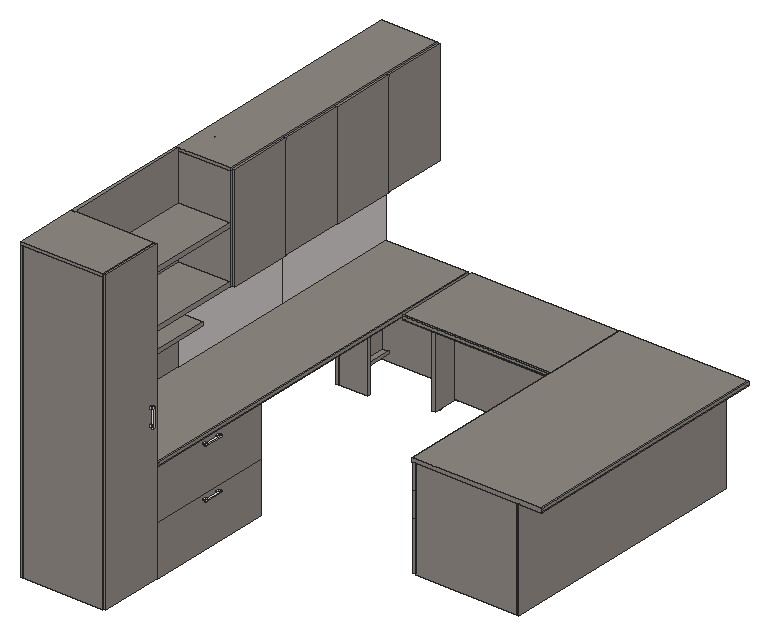
Revit family "JSI-Vision-Typical_Veneer-VSV125", category Furniture, Revit 2020 (continued)
Definition of nested family "JSI-Vision-Modular_Lateral_File_Pedestal"
  Definition of nested family "Bar Pull"
    Dimensions and locks (in)
      plane 4 to plane 5 to plane 3 "Center Left/Right" to plane 7 to plane 6 = 0.8" locked, 1.88731" locked, 1.88731" locked, 0.8" locked
      plane 8 to plane 9 to plane 1 "Center Front/Back" = 0.14798" locked, 0.85202" locked
      aligned and locked: level to plane 2
      aligned and locked: plane 4 to Extrusion 3
      aligned and locked: Extrusion 3 to plane 5
      aligned and locked: plane 4 to Extrusion 2
      aligned and locked: Extrusion 1 to plane 7
      aligned and locked: plane 6 to Extrusion 1
      aligned and locked: plane 6 to Extrusion 2
      aligned and locked: plane 8 to Extrusion 2 sketch curve
      aligned and locked: Extrusion 3 to plane 1 "Center Front/Back"
      aligned and locked: Extrusion 1 to plane 1 "Center Front/Back"
      aligned and locked: plane 5 to Extrusion 3
      aligned and locked: Extrusion 3 to plane 4
      aligned and locked: Extrusion 2 to plane 4
      aligned and locked: plane 7 to Extrusion 1
      aligned and locked: Extrusion 1 to plane 6
      aligned and locked: Extrusion 2 to plane 6
  Definition of nested family "Label 1-16"
    Parameters
      Width = 1"
      Model Name = "2 Drw - 2 Drs"
    Reference planes (in)
      plane 1: y = 0
      plane 2: x = 0
    Text (in)
      label "XX" at (0.00051, -0.12324, 0), shows "Model Name"
Definition of nested family "JSI-Vision-Adjustable_Casegood-L_Shape-Modesty_Desk-Bridge"
  Parameters (values of type "VST3672-U42AHFR - Adjustable Casegood L Shape 78"D x 72"W x 29 1/2"-49 1/8"H")
    Width = 72"
    URL = "www.jsifurniture.com"
    Type Comments = ""
    Top Finish = none
    Support Finish = none
    Side Finish = none
    Series = "Vision Casegoods"  # constant formula
    Pull Finish = none
    Post Finish = none
    Modesty Finish = none
    Model = "VST3672-U42AHFR"
    Material = ""
    Manufacturer = "JSI"  # constant formula
    Keynote = "12500"  # constant formula
    JSI Enviromental Website = "http://www.jsifurniture.com/jsi_sustainability_intro.php"
    Height = 29 5/16"
    Glide Finish = none
    Edge Finish = none
    Drawer Finish = none
    Divider Finish = none
    Description = "Adjustable Casegood L Shape Flush Modesty Desk and Bridge Laminate - 78\"D x 72\"W x 29 1/2\"-49 1/8\"H"
    Depth = 78"
    Default Elevation = 0"
    Case Finish = none
    Back Finish = none
    Assembly Code = "E2020200"
    Adj Post Finish = none
  Types (2): name | Model | Height | Description
    VST3672-U42AHFR - Adjustable Casegood L Shape 78"D x 72"W x 29 1/2"-49 1/8"H | "VST3672-U42AHFR" | 29 5/16" | "Adjustable Casegood L Shape Flush Modesty Desk and Bridge Laminate - 78\"D x 72\"W x 29 1/2\"-49 1/8\"H"
    VSV3672-U42AHFR - Adjustable Casegood L Shape 78"D x 72"W x 29 1/2"-49 1/8"H | "VSV3672-U42AHFR" | 29.313" | "Adjustable Casegood L Shape Flush Modesty Desk and Bridge Veneer - 78\"D x 72\"W x 29 1/2\"-49 1/8\"H"
  Reference planes (in)
    plane 1 "Center Front/Back": y = 0
    plane 2: z = 0
    plane 3 "Center Left/Right": x = 0
    plane 4: z = 0.3125
    plane 5: z = 28.125
    plane 6: z = 29.3125
    plane 7: y = -36
    plane 8: y = -76.9375
    plane 9: x = 72
    plane 10: y = -8.49999
    plane 11: y = -41.48437
    plane 12: y = -74.46874
    plane 13: y = -78
  Forms (in)
    Extrusion 1, solid, material <- "Top Finish"
      sketch origin (0, 0, 0) x (0, 1, 0) y (0, 0, 1)
        loop
          arc (-35.875, 29.3125) -> (-35.96339, 29.27589) -> (-36, 29.1875) r 0.125
          line (-36, 29.1875) -> (-36, 28.25)
          arc (-36, 28.25) -> (-35.96339, 28.16161) -> (-35.875, 28.125) r 0.125
          line (-35.875, 28.125) -> (-0.11811, 28.125)
          arc (-0.11811, 28.125) -> (-0.03459, 28.15959) -> (0, 28.24311) r 0.11811
          line (0, 28.24311) -> (0, 29.19439)
          arc (0, 29.19439) -> (-0.03459, 29.27791) -> (-0.11811, 29.3125) r 0.11811
          line (-0.11811, 29.3125) -> (-35.875, 29.3125)
      from 0 to 72
    Extrusion 2, solid, material <- "Top Finish"
      sketch origin (0, 0, 0) x (1, 0, 0) y (0, 0, 1)
        loop
          line (24, 28.24311) -> (24, 29.19439)
          arc (24, 29.19439) -> (23.96541, 29.27791) -> (23.88189, 29.3125) r 0.11811
          line (23.88189, 29.3125) -> (0, 29.3125) -> (0, 28.125) -> (23.88189, 28.125)
          arc (23.88189, 28.125) -> (23.96541, 28.15959) -> (24, 28.24311) r 0.11811
      from 36 to 76.9375
    Extrusion 3, solid, material <- "Back Finish"
      sketch origin (0, 0, 0) x (1, 0, 0) y (0, 1, 0)
        loop
          line (71.94911, -6.25) -> (0.0741, -6.25) -> (0.0741, -7) -> (71.94911, -7) -> (71.94911, -6.25)
      from 0.3125 to 28.125
    Extrusion 4, solid, material <- "Drawer Finish"
      sketch origin (0, 0, 0) x (0, 1, 0) y (0, 0, 1)
        loop
          line (-35.875, 21.285) -> (-35.125, 21.285) -> (-35.125, 28.125) -> (-35.875, 28.125) -> (-35.875, 21.285)
        loop
          line (-35.875, 21.16) -> (-35.875, 14.32) -> (-35.125, 14.32) -> (-35.125, 21.16) -> (-35.875, 21.16)
        loop
          line (-35.875, 14.195) -> (-35.875, 0.4525) -> (-35.125, 0.4525) -> (-35.125, 14.195) -> (-35.875, 14.195)
      from 56.35536 to 71.85536
    Extrusion 5, solid, material <- "Side Finish"
      sketch origin (0, 0, 0) x (1, 0, 0) y (0, 1, 0)
        loop
          line (0.85535, -77.90625) -> (12.85535, -77.90625) -> (12.85535, -76.71875) -> (0.85535, -76.71875) -> (0.85535, -77.90625)
      from 0.3125 to 28.125
    Extrusion 6, solid, material <- "Case Finish"
      sketch origin (0, 0, 0) x (1, 0, 0) y (0, 1, 0)
        loop
          line (5.98035, -75.96875) -> (0.85535, -75.96875) -> (0.85535, -76.71875) -> (5.98035, -76.71875) -> (5.98035, -75.96875)
      from 0.3125 to 24.9375
    Extrusion 7, solid, material <- "Case Finish"
      sketch origin (0, 0, 0) x (1, 0, 0) y (0, 1, 0)
        loop
          line (6.73035, -76.59375) -> (6.73035, -11.625) -> (5.98035, -11.625) -> (5.98035, -76.59375) -> (6.73035, -76.59375)
      from 0.95805 to 25.6768
    Extrusion 8, solid, material <- "Modesty Finish"
      sketch origin (0, 0, 0) x (1, 0, 0) y (0, 1, 0)
        loop
          line (1.08574, -8) -> (70.96075, -8) -> (70.96075, -7.25) -> (1.08574, -7.25) -> (1.08574, -8)
      from 5.56275 to 28.125
    Extrusion 9, solid, material <- "Side Finish"
      sketch origin (0, 0, 0) x (1, 0, 0) y (0, 1, 0)
        loop
          line (71.16786, -7) -> (71.16786, -35.125) -> (71.91786, -35.125) -> (71.91786, -7) -> (71.16786, -7)
      from 0.3125 to 28.125
    Extrusion 10, solid, material <- "Side Finish"
      sketch origin (0, 0, 0) x (0, 1, 0) y (0, 0, 1)
        loop
          line (-8.375, 25.7185) -> (-21.84375, 25.7185)
          arc (-21.84375, 25.7185) -> (-22.72321, 26.00336) -> (-23.26863, 26.74975) r 1.5
          arc (-23.26863, 26.74975) -> (-23.99586, 27.74494) -> (-25.16846, 28.12475) r 2
          line (-25.16846, 28.12475) -> (-35.125, 28.12475) -> (-35.125, 0.3125) -> (-7, 0.3125) -> (-7, 5.0625) -> (-8.125, 5.0625)
          arc (-8.125, 5.0625) -> (-8.30178, 5.13572) -> (-8.375, 5.3125) r 0.25
          line (-8.375, 5.3125) -> (-8.375, 25.7185)
      from 56.29286 to 57.04286
    Extrusion 11, solid, material <- "Back Finish"
      sketch origin (0, 0, 0) x (1, 0, 0) y (0, 1, 0)
        loop
          line (0.85535, -78) -> (0.85535, -7) -> (0.10535, -7) -> (0.10535, -78) -> (0.85535, -78)
      from 0.3125 to 28.125
    Extrusion 12, solid, material <- "Case Finish"
      sketch origin (0, 0, 0) x (1, 0, 0) y (0, 1, 0)
        loop
          line (5.98035, -7) -> (0.85535, -7) -> (0.85535, -75.96875) -> (5.98035, -75.96875) -> (5.98035, -7)
      from 0.96875 to 2.15625
    Revolve 13, solid, material <- "Glide Finish"
      sketch origin (3.41912, 0, 0) x (0, 1, 0) y (0, 0, 1)
        loop
          line (-8.49999, 2.3868) -> (-8.49999, 0) -> (-7.44326, 0)
          arc (-7.44326, 0) -> (-7.35488, 0.03661) -> (-7.31826, 0.125) r 0.125
          line (-7.31826, 0.125) -> (-7.31826, 0.26314)
          arc (-7.31826, 0.26314) -> (-7.35448, 0.35058) -> (-7.44193, 0.3868) r 0.12366
          line (-7.44193, 0.3868) -> (-8.34247, 0.3868) -> (-8.34247, 2.3868) -> (-8.49999, 2.3868)
        axis (-8.49999, 2.3868) -> (-8.49999, 0)
      angle from 0 to 360
    Revolve 14, solid, material <- "Glide Finish"
      sketch origin (3.41912, 0, 0) x (0, 1, 0) y (0, 0, 1)
        loop
          line (-41.48437, 2.3868) -> (-41.48437, 0) -> (-40.42764, 0)
          arc (-40.42764, 0) -> (-40.33925, 0.03661) -> (-40.30264, 0.125) r 0.125
          line (-40.30264, 0.125) -> (-40.30264, 0.26314)
          arc (-40.30264, 0.26314) -> (-40.33886, 0.35058) -> (-40.4263, 0.3868) r 0.12366
          line (-40.4263, 0.3868) -> (-41.32685, 0.3868) -> (-41.32685, 2.3868) -> (-41.48437, 2.3868)
        axis (-41.48437, 2.3868) -> (-41.48437, 0)
      angle from 0 to 360
    Revolve 15, solid, material <- "Glide Finish"
      sketch origin (3.41912, 0, 0) x (0, 1, 0) y (0, 0, 1)
        loop
          line (-74.46874, 2.3868) -> (-74.46874, 0) -> (-73.41201, 0)
          arc (-73.41201, 0) -> (-73.32363, 0.03661) -> (-73.28701, 0.125) r 0.125
          line (-73.28701, 0.125) -> (-73.28701, 0.26314)
          arc (-73.28701, 0.26314) -> (-73.32323, 0.35058) -> (-73.41068, 0.3868) r 0.12366
          line (-73.41068, 0.3868) -> (-74.31122, 0.3868) -> (-74.31122, 2.3868) -> (-74.46874, 2.3868)
        axis (-74.46874, 2.3868) -> (-74.46874, 0)
      angle from 0 to 360
    Extrusion 16, solid, material <- "Glide Finish"
      sketch origin (0, 0, 0) x (1, 0, 0) y (0, 1, 0)
        loop
          circle (10.85535, -77.3125) r 0.43307
        loop
          circle (70.16786, -7.40625) r 0.43307
        loop
          circle (58.04286, -7.40625) r 0.43307
        loop
          circle (58.04286, -33.99016) r 0.43307
        loop
          circle (70.16765, -33.99028) r 0.43307
      from 0 to 0.3125
    Extrusion 17, solid, material <- "Case Finish"
      sketch origin (0, 0, 0) x (1, 0, 0) y (0, 0, 1)
        loop
          line (5.98035, 25.6768) -> (0.85535, 25.6768) -> (0.85535, 24.9375) -> (5.98035, 24.9375) -> (5.98035, 25.6768)
      from 11.5 to 76.71875
    Extrusion 18, solid, material <- "Side Finish"
      sketch origin (0, 0, 0) x (1, 0, 0) y (0, 1, 0)
        loop
          line (0.85535, -12.25) -> (5.98035, -12.25) -> (5.98035, -11.5) -> (0.85535, -11.5) -> (0.85535, -12.25)
      from 2.15625 to 24.9375
  Lines and regions (in)
    symbolic lines
      curve 1: line (0, -36, 0) -> (72, -36, 0)
      curve 2: line (0, 0, 0) -> (0, -36, 0)
      curve 3: line (72, 0, 0) -> (0, 0, 0)
      curve 4: line (72, -36, 0) -> (72, 0, 0)
      curve 5: line (24, -76.9375, 0) -> (24, -36, 0)
      curve 6: line (24, -76.9375, 0) -> (0, -76.9375, 0)
      curve 7: line (0, -76.9375, 0) -> (0, -36, 0)
      curve 8: line (0.85535, -77.90625, 0) -> (12.85535, -77.90625, 0)
      curve 9: line (12.85535, -77.90625, 0) -> (12.85535, -76.71875, 0)
      curve 10: line (0.10535, -78, 0) -> (0.85535, -78, 0)
      curve 11: line (0.10535, -78, 0) -> (0.10535, -76.9375, 0)
      curve 12: line (0.85535, -78, 0) -> (0.85535, -76.9375, 0)
      curve 13: line (12.85535, -76.71875, 0) -> (0.85535, -76.71875, 0)
      curve 14: line (0.85535, -76.9375, 0) -> (0.85535, -7, 0)
      curve 15: line (0.10535, -7, 0) -> (0.10535, -78, 0)
      curve 16: line (0.0741, -6.25, 0) -> (71.94911, -6.25, 0)
      curve 17: line (0.0741, -7, 0) -> (0.0741, -6.25, 0)
      curve 18: line (71.94911, -7, 0) -> (0.0741, -7, 0)
      curve 19: line (71.94911, -6.25, 0) -> (71.94911, -7, 0)
      curve 20: line (56.29286, -7, 0) -> (56.29286, -35.125, 0)
      curve 21: line (57.04286, -35.125, 0) -> (57.04286, -7, 0)
      curve 22: line (71.16786, -7, 0) -> (71.16786, -35.125, 0)
      curve 23: line (71.85536, -35.125, 0) -> (56.35536, -35.125, 0)
      curve 24: line (56.35536, -35.125, 0) -> (56.35536, -35.875, 0)
      curve 25: line (56.35536, -35.875, 0) -> (71.85536, -35.875, 0)
      curve 26: line (71.85536, -35.875, 0) -> (71.85536, -35.125, 0)
      curve 27: line (71.91786, -35.125, 0) -> (71.91786, -7, 0)
      curve 28: line (6.73035, -76.59375, 0) -> (6.73035, -11.625, 0)
      curve 29: line (6.73035, -11.625, 0) -> (5.98035, -11.625, 0)
      curve 30: line (5.98035, -76.71875, 0) -> (5.98035, -7, 0)
      curve 31: line (5.98035, -11.5, 0) -> (0.85535, -11.5, 0)
      curve 32: line (0.85535, -12.25, 0) -> (5.98035, -12.25, 0)
      curve 33: line (5.98035, -76.59375, 0) -> (6.73035, -76.59375, 0)
      curve 34: line (5.98035, -75.96875, 0) -> (0.85535, -75.96875, 0)
  Dimensions and locks (in)
    locked: plane 2 to plane 4 at 0.3125
    "Height": plane 6 to plane 2
    locked: plane 6 to plane 5 at 1.1875
    locked: plane 1 "Center Front/Back" to plane 7 at 36
    "Width": plane 3 "Center Left/Right" to plane 9
    locked: Extrusion 2 sketch curve to plane 3 "Center Left/Right" at 24
    locked: Extrusion 3 sketch curve to plane 9 at 0.05089
    locked: plane 3 "Center Left/Right" to Extrusion 3 sketch curve at 0.0741
    Extrusion 3 sketch curve to Extrusion 3 sketch curve to plane 1 "Center Front/Back" = 3/4" locked, 6 1/4" locked
    Extrusion 4 to Extrusion 4 to plane 9 = 15 1/2" locked, 0.14464" locked
    equal spacing: Extrusion 4, nested 3, Extrusion 4
    equal spacing: Extrusion 4, nested 2, Extrusion 4
    equal spacing: Extrusion 4, nested 1, Extrusion 4
    plane 3 "Center Left/Right" to Extrusion 5 sketch curve to Extrusion 5 sketch curve = 0.85535" locked, 12" locked
    Extrusion 5 sketch curve to plane 8 to Extrusion 5 sketch curve = 7/32" locked, 31/32" locked
    locked: Extrusion 7 sketch curve to plane 1 "Center Front/Back" at 11.625
    locked: Extrusion 7 sketch curve to plane 8 at 0.34375
    plane 3 "Center Left/Right" to Extrusion 7 sketch curve to Extrusion 7 sketch curve = 5.98035" locked, 3/4" locked
    Extrusion 9 sketch curve to Extrusion 9 sketch curve to plane 1 "Center Front/Back" = 28 1/8" locked, 7" locked
    Extrusion 9 sketch curve to Extrusion 9 sketch curve to plane 9 = 3/4" locked, 0.08214" locked
    Extrusion 10 to Extrusion 10 to plane 9 = 3/4" locked, 14.95714" locked
    locked: Extrusion 11 sketch curve to plane 1 "Center Front/Back" at 7
    locked: Extrusion 8 to plane 4 at 5.25025
    Extrusion 9 to plane 9 = 0.08214"
    Extrusion 12 to Extrusion 12 to plane 4 = 1 3/16" locked, 21/32" locked
    locked: nested 4 to plane 8 at 12.9375
    locked: plane 12 to plane 8 at 2.46876
    locked: plane 7 to plane 11 at 5.48437
    locked: plane 1 "Center Front/Back" to plane 10 at 8.49999
    Revolve 13 sketch curve to Revolve 13 sketch curve to Revolve 13 sketch curve to plane 10 = 1/8" locked, 0.89921" locked, 0.15752" locked
    Revolve 13 sketch curve to Revolve 13 sketch curve to Revolve 13 sketch curve to Revolve 13 sketch curve to plane 2 = 2" locked, 0.12366" locked, 0.13814" locked, 1/8" locked
    Revolve 14 sketch curve to Revolve 14 sketch curve to Revolve 14 sketch curve to plane 11 = 1/8" locked, 0.89921" locked, 0.15752" locked
    Revolve 14 sketch curve to Revolve 14 sketch curve to Revolve 14 sketch curve to Revolve 14 sketch curve to plane 2 = 2" locked, 0.12366" locked, 0.13814" locked, 1/8" locked
    Revolve 15 sketch curve to Revolve 15 sketch curve to Revolve 15 sketch curve to Revolve 15 sketch curve = 1/8" locked, 0.89921" locked, 0.15752" locked
    Revolve 15 sketch curve to Revolve 15 sketch curve to Revolve 15 sketch curve to Revolve 15 sketch curve to plane 2 = 2" locked, 0.12366" locked, 0.13814" locked, 1/8" locked
    locked: Revolve 15 to plane 3 "Center Left/Right" at 3.41912
    Extrusion 16 sketch curve to Extrusion 16 sketch curve to plane 9 = 12 1/8" locked, 1.83214" locked
    Extrusion 16 sketch curve to Extrusion 16 sketch curve to plane 9 = 12.12479" locked, 1.83235" locked
    locked: Extrusion 16 sketch curve to plane 7 at 2.00972
    locked: Extrusion 16 sketch curve to plane 1 "Center Front/Back" at 7.40625  (x2)
    locked: Extrusion 16 sketch curve to plane 7 at 2.00984
    Extrusion 17 sketch curve to Extrusion 6 = 0.7393"
    plane 10 to Extrusion 18 sketch curve to Extrusion 18 sketch curve = 3" locked, 3/4" locked
    "Depth": plane 1 "Center Front/Back" to plane 13
    locked: Extrusion 11 to Extrusion 4 sketch curve at 0.14
    Extrusion 4 sketch curve to Extrusion 4 sketch curve to Extrusion 4 sketch curve to Extrusion 4 sketch curve to Extrusion 1 = 1/8" locked, 6.84" locked, 1/8" locked, 6.84" locked
    locked: Extrusion 1 to nested 3 at 0.75
    locked: Extrusion 4 to nested 2 at 0.75
    locked: Extrusion 4 to nested 1 at 0.75
    aligned and locked: level to plane 2
    aligned and locked: Extrusion 1 sketch curve to plane 5
    aligned and locked: Extrusion 1 sketch curve to plane 6
    aligned and locked: Extrusion 1 sketch curve to plane 1 "Center Front/Back"
    aligned and locked: Extrusion 1 sketch curve to plane 7
    aligned and locked: Extrusion 1 to plane 9
    aligned and locked: Extrusion 1 to plane 3 "Center Left/Right"
    aligned and locked: plane 6 to Extrusion 2 sketch curve
    aligned and locked: Extrusion 2 sketch curve to plane 5
    aligned and locked: Extrusion 2 sketch curve to plane 3 "Center Left/Right"
    aligned and locked: plane 7 to Extrusion 2
    aligned and locked: Extrusion 2 to plane 8
    aligned and locked: plane 4 to Extrusion 3
    aligned and locked: plane 5 to Extrusion 3
    aligned and locked: Extrusion 4 sketch curve to Extrusion 4 sketch curve  (x4)
    aligned and locked: Extrusion 4 to nested 3
    aligned and locked: Extrusion 4 to nested 2
    aligned and locked: Extrusion 4 to nested 1
    aligned and locked: plane 4 to Extrusion 11
    aligned and locked: plane 5 to Extrusion 11
    aligned and locked: plane 4 to Extrusion 5
    aligned and locked: plane 5 to Extrusion 5
    aligned and locked: plane 5 to Extrusion 8
    aligned and locked: plane 4 to Extrusion 9
    aligned and locked: plane 5 to Extrusion 9
    aligned and locked: Extrusion 12 to Extrusion 3
    aligned and locked: Extrusion 12 to Extrusion 11
    aligned and locked: Extrusion 12 to Extrusion 7
    aligned and locked: Extrusion 12 to Extrusion 6
    aligned and locked: nested 4 to Extrusion 11
    aligned and locked: plane 2 to Revolve 13 sketch curve
    aligned and locked: plane 10 to Revolve 13 sketch curve
    aligned and locked: Revolve 13 sketch curve to plane 10
    aligned and locked: plane 11 to Revolve 14 sketch curve
    aligned and locked: plane 12 to Revolve 15 sketch curve
    aligned and locked: Extrusion 16 to plane 4
    aligned and locked: Extrusion 16 to plane 2
    aligned and locked: plane 4 to Extrusion 6
    aligned and locked: Extrusion 18 sketch curve to Extrusion 7
    aligned and locked: Extrusion 18 to Extrusion 12
    aligned and locked: Extrusion 6 to Extrusion 18
    aligned and locked: Extrusion 17 to Extrusion 18
    aligned and locked: Extrusion 6 to Extrusion 17
    aligned and locked: nested 5 to Extrusion 11
    aligned and locked: nested 5 to plane 9
    aligned and locked: Extrusion 11 sketch curve to plane 13
    aligned and locked: nested 5 to plane 6
    aligned and locked: plane 6 to nested 4
    aligned and locked: curve 1 to Extrusion 1
    aligned and locked: curve 2 to Extrusion 2
    aligned and locked: curve 3 to Extrusion 1
    aligned and locked: curve 4 to Extrusion 1
    aligned and locked: curve 5 to Extrusion 2
    aligned and locked: curve 8 to Extrusion 5
    aligned and locked: curve 9 to Extrusion 5
    aligned and locked: curve 10 to Extrusion 11
    aligned and locked: curve 11 to Extrusion 11
    aligned and locked: curve 12 to Extrusion 11
    aligned and locked: curve 15 to Extrusion 11
    aligned and locked: curve 16 to Extrusion 3
    aligned and locked: curve 17 to Extrusion 3
    aligned and locked: curve 18 to Extrusion 3
    aligned and locked: curve 19 to Extrusion 3
    aligned and locked: curve 20 to Extrusion 10
    aligned and locked: curve 21 to Extrusion 10
    aligned and locked: curve 22 to Extrusion 9
    aligned and locked: curve 23 to Extrusion 4
    aligned and locked: curve 24 to Extrusion 4
    aligned and locked: curve 25 to Extrusion 4
    aligned and locked: curve 26 to Extrusion 4
    aligned and locked: curve 27 to Extrusion 9
    aligned and locked: curve 28 to Extrusion 7
    aligned and locked: curve 29 to Extrusion 7
    aligned and locked: curve 30 to Extrusion 12
    aligned and locked: curve 31 to Extrusion 17
    aligned and locked: curve 32 to Extrusion 18
    aligned and locked: curve 33 to Extrusion 7
    aligned and locked: curve 34 to Extrusion 6
    aligned and locked: Extrusion 4 sketch curve to Extrusion 1
  Automatic sketch dimensions
    plane 5 to Extrusion 1 sketch curve = 1/8"
    Extrusion 1 sketch curve to plane 6 = 1/8"
    plane 1 "Center Front/Back" to Extrusion 1 sketch curve = 0.11811"  (x2)
    plane 5 to Extrusion 2 sketch curve = 0.11811"
    Extrusion 2 sketch curve to Extrusion 2 sketch curve = 0"
    plane 7 to Extrusion 4 sketch curve = 1/8"
    Extrusion 4 sketch curve to Extrusion 4 sketch curve = 3/4"
    plane 3 "Center Left/Right" to Extrusion 6 sketch curve = 0.85535"
    plane 8 to Extrusion 6 sketch curve = 7/32"
    Extrusion 6 sketch curve to Extrusion 6 sketch curve = 5 1/8"
    Extrusion 6 sketch curve to Extrusion 6 sketch curve = 3/4"
    plane 3 "Center Left/Right" to Extrusion 8 sketch curve = 1.08574"
    plane 9 to Extrusion 8 sketch curve = 1.03925"
    plane 1 "Center Front/Back" to Extrusion 8 sketch curve = 8"
    Extrusion 8 sketch curve to Extrusion 8 sketch curve = 3/4"
    Extrusion 10 sketch curve to plane 4 = 0"
    Extrusion 10 sketch curve to plane 5 = 0.00025"
    plane 7 to Extrusion 10 sketch curve = 7/8"
    Extrusion 10 sketch curve to plane 5 = 2.00025"
    Extrusion 10 sketch curve to Extrusion 10 sketch curve = 9.95654"
    Extrusion 10 sketch curve to Extrusion 10 sketch curve = 3.32471"
    Extrusion 10 sketch curve to plane 4 = 5"
    plane 1 "Center Front/Back" to Extrusion 10 sketch curve = 8 3/8"
    Extrusion 10 sketch curve to Extrusion 10 sketch curve = 1/4"
    Extrusion 10 sketch curve to Extrusion 10 sketch curve = 1 1/8"
    Extrusion 10 sketch curve to plane 5 = 2.4065"
    Extrusion 10 sketch curve to plane 5 = 0.9065"
    plane 3 "Center Left/Right" to Extrusion 11 sketch curve = 0.10535"
    Extrusion 11 sketch curve to Extrusion 11 sketch curve = 3/4"
    plane 3 "Center Left/Right" to Extrusion 12 sketch curve = 0.85535"
    plane 8 to Extrusion 12 sketch curve = 31/32"
    plane 1 "Center Front/Back" to Extrusion 12 sketch curve = 7"
    Extrusion 12 sketch curve to Extrusion 12 sketch curve = 5 1/8"
    Revolve 13 sketch curve to level = 1.18742"
    Revolve 13 sketch curve to Revolve 13 sketch curve = 45/256"
    Revolve 14 sketch curve to plane 11 = 0"
    Revolve 14 sketch curve to level = 1.18742"
    Revolve 14 sketch curve to Revolve 14 sketch curve = 45/256"
    Revolve 15 sketch curve to Revolve 15 sketch curve = 0"
    Revolve 15 sketch curve to Revolve 15 sketch curve = 1.18742"
    Revolve 15 sketch curve to Revolve 15 sketch curve = 45/256"
    Extrusion 16 sketch curve to plane 8 = 3/8"
    plane 3 "Center Left/Right" to Extrusion 16 sketch curve = 10.85535"
    plane 3 "Center Left/Right" to Extrusion 17 sketch curve = 0.85535"
    Extrusion 17 sketch curve to Extrusion 17 sketch curve = 5 1/8"
    Extrusion 17 sketch curve to Extrusion 17 sketch curve = 0.7393"
    plane 3 "Center Left/Right" to Extrusion 18 sketch curve = 0.85535"
    curve 14 to plane 8 = 0"
    curve 15 to curve 14 = 3/4"
    curve 8 to curve 10 = 0"
    curve 30 to curve 33 = 1/8"
    curve 23 to curve 27 = 0"
    curve 20 to curve 23 = 0"
    curve 17 to curve 15 = 0"
    curve 27 to curve 18 = 0"
    radius of Extrusion 16 sketch curve = 0.43307"  (x5)
  Nested families (in)
    nested 1: "Bar Pull" at (64.10536, -35.875, 13.445), Pull Finish <- "Pull Finish", type "PL"
      with Pull Finish none
    nested 2: "Bar Pull" at (64.10536, -35.875, 20.41), Pull Finish <- "Pull Finish", type "PL"
      with Pull Finish none
    nested 3: "Bar Pull" at (64.10536, -35.875, 27.375), Pull Finish <- "Pull Finish", type "PL"
      with Pull Finish none
    nested 4: "Mechanism" at (0.10535, -64, 0) x (0, 1, 0) z (0, 0, 1), Adj Post Finish <- "Adj Post Finish", Post Finish <- "Post Finish", Support Finish <- "Support Finish", type "Mechanism"
      with Support Finish none, Post Finish none, Height 29 5/16", Adj Post Finish none
    nested 5: "Double_Mechanism" at (0.10535, -19.75, 0) x (0, 1, 0) z (0, 0, 1), Adj Post Finish <- "Adj Post Finish", Post Finish <- "Post Finish", Support Finish <- "Support Finish", type "Double_Mechanism"
      with Support Finish none, Post Finish none, Height 29 5/16", Adj Post Finish none
  Definition of nested family "Bar Pull"
    Parameters (values of type "PL")
      Pull Finish [instance] = none
      Default Elevation = 0"
    Reference planes (in)
      plane 1 "Center Front/Back": y = 0
      plane 2: z = 0
      plane 3 "Center Left/Right": x = 0
      plane 4: x = -2.68731
      plane 5: x = -1.88731
      plane 6: x = 2.68731
      plane 7: x = 1.88731
      plane 8: y = -1
      plane 9: y = -0.85202
    Forms (in)
      Extrusion 1, solid, material <- "Pull Finish"
        sketch origin (0, 0, 0) x (0, 1, 0) y (0, 0, 1)
          loop
            line (0, -0.2015) -> (0, 0.2015) -> (-0.85202, 0.2015)
            arc (-0.85202, 0.2015) -> (-0.75, 0) -> (-0.85202, -0.2015) r 0.25
            line (-0.85202, -0.2015) -> (0, -0.2015)
        from 1.88731 to 2.68731
      Extrusion 2, solid, material <- "Pull Finish"
        sketch origin (0, 0, 0) x (0, 1, 0) y (0, 0, 1)
          loop
            circle (-1, 0) r 0.25
        from -2.68731 to 2.68731
      Extrusion 3, solid, material <- "Pull Finish"
        sketch origin (0, 0, 0) x (0, 1, 0) y (0, 0, -1)
          loop
            line (0, 0.2015) -> (-0.85202, 0.2015)
            arc (-0.85202, 0.2015) -> (-0.75, 0) -> (-0.85202, -0.2015) r 0.25
            line (-0.85202, -0.2015) -> (0, -0.2015) -> (0, 0.2015)
        from 1.88731 to 2.68731
    Dimensions and locks (in)
      plane 4 to plane 5 to plane 3 "Center Left/Right" to plane 7 to plane 6 = 0.8" locked, 1.88731" locked, 1.88731" locked, 0.8" locked
      plane 8 to plane 9 to plane 1 "Center Front/Back" = 0.14798" locked, 0.85202" locked
      aligned and locked: level to plane 2
      aligned and locked: plane 4 to Extrusion 3
      aligned and locked: Extrusion 3 to plane 5
      aligned and locked: plane 4 to Extrusion 2
      aligned and locked: Extrusion 1 to plane 7
      aligned and locked: plane 6 to Extrusion 1
      aligned and locked: plane 6 to Extrusion 2
      aligned and locked: plane 8 to Extrusion 2 sketch curve
      aligned and locked: Extrusion 3 to plane 1 "Center Front/Back"
      aligned and locked: Extrusion 1 to plane 1 "Center Front/Back"
      aligned and locked: plane 5 to Extrusion 3
      aligned and locked: Extrusion 3 to plane 4
      aligned and locked: Extrusion 2 to plane 4
      aligned and locked: plane 7 to Extrusion 1
      aligned and locked: Extrusion 1 to plane 6
      aligned and locked: Extrusion 2 to plane 6
  Definition of nested family "Mechanism"
    Parameters (values of type "Mechanism")
      Support Finish [instance] = none
      Post Finish [instance] = none
      Height [instance] = 29 1/2"
      Default Elevation = 0"
      Adj Post Finish [instance] = none
    Reference planes (in)
      plane 1 "Center (Front/Back)": y = 0
      plane 2: z = 0
      plane 3 "Center (Left/Right)": x = 0
      plane 4: z = 29.5
    Forms (in)
      Extrusion 1, solid, material <- "Adj Post Finish"
        sketch origin (0, 0, 0) x (1, 0, 0) y (0, 1, 0)
          loop
            line (1.07283, -3.01629) -> (-1.07283, -3.01629)
            arc (-1.07283, -3.01629) -> (-1.14243, -3.04512) -> (-1.17126, -3.11472) r 0.09843
            line (-1.17126, -3.11472) -> (-1.17126, -5.26039)
            arc (-1.17126, -5.26039) -> (-1.14243, -5.32998) -> (-1.07283, -5.35881) r 0.09843
            line (-1.07283, -5.35881) -> (1.07283, -5.35881)
            arc (1.07283, -5.35881) -> (1.14243, -5.32998) -> (1.17126, -5.26039) r 0.09843
            line (1.17126, -5.26039) -> (1.17126, -3.11472)
            arc (1.17126, -3.11472) -> (1.14243, -3.04512) -> (1.07283, -3.01629) r 0.09843
        from 3.04478 to 26.43059
      Extrusion 2, solid, material <- "Support Finish"
        sketch origin (0, 0, 0) x (0, 1, 0) y (0, 0, 1)
          loop
            line (-2.02145, 26.43059) -> (-2.02145, 28.281) -> (-10.68287, 28.281) -> (-10.68287, 28.006) -> (-10.12077, 28.006) -> (-9.62058, 26.43059) -> (-2.02145, 26.43059)
        from -1.89028 to 1.90897
      Extrusion 3, solid, material <- "Post Finish"
        sketch origin (0, 0, 0) x (1, 0, 0) y (0, 1, 0)
          loop
            line (1.25984, -2.82928) -> (-1.25984, -2.82928)
            arc (-1.25984, -2.82928) -> (-1.32944, -2.85811) -> (-1.35827, -2.92771) r 0.09843
            line (-1.35827, -2.92771) -> (-1.35827, -5.44739)
            arc (-1.35827, -5.44739) -> (-1.32944, -5.51699) -> (-1.25984, -5.54582) r 0.09843
            line (-1.25984, -5.54582) -> (1.25984, -5.54582)
            arc (1.25984, -5.54582) -> (1.32944, -5.51699) -> (1.35827, -5.44739) r 0.09843
            line (1.35827, -5.44739) -> (1.35827, -2.92771)
            arc (1.35827, -2.92771) -> (1.32944, -2.85811) -> (1.25984, -2.82928) r 0.09843
        from 2.6907 to 26.07653
      Extrusion 4, solid, material <- "Support Finish"
        sketch origin (0, 0, 0) x (1, 0, 0) y (0, 0, 1)
          loop
            line (-9.29531, 28.31275) -> (-9.29531, 27.76028)
            arc (-9.29531, 27.76028) -> (-9.19861, 27.50857) -> (-8.95824, 27.38635) r 0.37595
            line (-8.95824, 27.38635) -> (-2.81264, 26.74737)
            arc (-2.81264, 26.74737) -> (-2.56313, 26.62356) -> (-2.45567, 26.36659) r 0.39848
            arc (-2.45567, 26.36659) -> (-2.33607, 26.10464) -> (-2.06697, 26.00212) r 0.37941
            line (-2.06697, 26.00212) -> (2.06697, 26.00212)
            arc (2.06697, 26.00212) -> (2.33607, 26.10464) -> (2.45567, 26.36659) r 0.37941
            arc (2.45567, 26.36659) -> (2.56313, 26.62356) -> (2.81264, 26.74737) r 0.39848
            line (2.81264, 26.74737) -> (8.95824, 27.38635)
            arc (8.95824, 27.38635) -> (9.19861, 27.50857) -> (9.29531, 27.76028) r 0.37595
            line (9.29531, 27.76028) -> (9.29531, 28.31275) -> (3.31697, 28.31275)
            arc (3.31697, 28.31275) -> (3.20561, 28.26662) -> (3.15949, 28.15527) r 0.15748
            line (3.15949, 28.15527) -> (3.15949, 27.17097)
            arc (3.15949, 27.17097) -> (3.14797, 27.14316) -> (3.12016, 27.13164) r 0.03933
            line (3.12016, 27.13164) -> (1.92012, 27.13164)
            arc (1.92012, 27.13164) -> (1.89172, 27.14341) -> (1.87996, 27.1718) r 0.04016
            line (1.87996, 27.1718) -> (1.87996, 28.31275) -> (-1.87996, 28.31275) -> (-1.87996, 27.17071)
            arc (-1.87996, 27.17071) -> (-1.8914, 27.14309) -> (-1.91902, 27.13164) r 0.03906
            line (-1.91902, 27.13164) -> (-3.12074, 27.13164)
            arc (-3.12074, 27.13164) -> (-3.14814, 27.14299) -> (-3.15949, 27.17039) r 0.03875
            line (-3.15949, 27.17039) -> (-3.15949, 28.15527)
            arc (-3.15949, 28.15527) -> (-3.20561, 28.26662) -> (-3.31697, 28.31275) r 0.15748
            line (-3.31697, 28.31275) -> (-9.29531, 28.31275)
        from 1.82657 to 1.94468
      Extrusion 5, solid, material <- "Support Finish"
        sketch origin (0, 0, 0) x (1, 0, 0) y (0, 0, 1)
          loop
            arc (-3.00155, 28.31275) -> (-3.05752, 28.28956) -> (-3.08071, 28.23359) r 0.07915
            line (-3.08071, 28.23359) -> (-3.08071, 27.20977)
            arc (-3.08071, 27.20977) -> (-3.05782, 27.15453) -> (-3.00258, 27.13164) r 0.07813
            line (-3.00258, 27.13164) -> (-1.97781, 27.13164)
            arc (-1.97781, 27.13164) -> (-1.92257, 27.15453) -> (-1.89968, 27.20977) r 0.07813
            line (-1.89968, 27.20977) -> (-1.89968, 28.23462)
            arc (-1.89968, 28.23462) -> (-1.92257, 28.28986) -> (-1.97781, 28.31275) r 0.07813
            line (-1.97781, 28.31275) -> (-3.00155, 28.31275)
          loop
            line (3.00155, 28.31275) -> (1.97781, 28.31275)
            arc (1.97781, 28.31275) -> (1.92257, 28.28986) -> (1.89968, 28.23462) r 0.07813
            line (1.89968, 28.23462) -> (1.89968, 27.20977)
            arc (1.89968, 27.20977) -> (1.92257, 27.15453) -> (1.97781, 27.13164) r 0.07813
            line (1.97781, 27.13164) -> (3.00258, 27.13164)
            arc (3.00258, 27.13164) -> (3.05782, 27.15453) -> (3.08071, 27.20977) r 0.07813
            line (3.08071, 27.20977) -> (3.08071, 28.23359)
            arc (3.08071, 28.23359) -> (3.05752, 28.28956) -> (3.00155, 28.31275) r 0.07915
        from 2.11987 to 15.3089
      Extrusion 6, solid, material <- "Support Finish"
        sketch origin (0, 0, 0) x (1, 0, 0) y (0, 0, 1)
          loop
            line (-3.15949, 27.17039) -> (-3.15949, 28.15527)
            arc (-3.15949, 28.15527) -> (-3.20561, 28.26662) -> (-3.31697, 28.31275) r 0.15748
            line (-3.31697, 28.31275) -> (-9.29531, 28.31275) -> (-9.29531, 28.19464) -> (-3.31697, 28.19464)
            arc (-3.31697, 28.19464) -> (-3.28913, 28.1831) -> (-3.2776, 28.15527) r 0.03937
            line (-3.2776, 28.15527) -> (-3.2776, 27.17101)
            arc (-3.2776, 27.17101) -> (-3.23147, 27.05966) -> (-3.12012, 27.01353) r 0.15748
            line (-3.12012, 27.01353) -> (-2.09649, 27.01353) -> (-2.09649, 27.13164) -> (-3.12074, 27.13164)
            arc (-3.12074, 27.13164) -> (-3.14814, 27.14299) -> (-3.15949, 27.17039) r 0.03875
          loop
            arc (3.15949, 27.17039) -> (3.14814, 27.14299) -> (3.12074, 27.13164) r 0.03875
            line (3.12074, 27.13164) -> (2.09649, 27.13164) -> (2.09649, 27.01353) -> (3.12012, 27.01353)
            arc (3.12012, 27.01353) -> (3.23147, 27.05966) -> (3.2776, 27.17101) r 0.15748
            line (3.2776, 27.17101) -> (3.2776, 28.15527)
            arc (3.2776, 28.15527) -> (3.28913, 28.1831) -> (3.31697, 28.19464) r 0.03937
            line (3.31697, 28.19464) -> (9.29531, 28.19464) -> (9.29531, 28.31275) -> (3.31697, 28.31275)
            arc (3.31697, 28.31275) -> (3.20561, 28.26662) -> (3.15949, 28.15527) r 0.15748
            line (3.15949, 28.15527) -> (3.15949, 27.17039)
        from 1.94468 to 4.38562
      Extrusion 7, void
        sketch origin (0, 0, 0) x (1, 0, 0) y (0, 1, 0)
          loop
            arc (-8.90161, -3.12578) -> (-9.19219, -3.00542) -> (-9.31256, -2.71483) r 0.41095
            line (-9.31256, -2.71483) -> (-9.50791, -2.71483) -> (-9.50791, -4.47635) -> (-4.05412, -4.47635) -> (-4.05412, -4.3965)
            arc (-4.05412, -4.3965) -> (-4.3402, -4.278) -> (-4.4587, -3.99192) r 0.40458
            line (-4.4587, -3.99192) -> (-4.4587, -3.51948)
            arc (-4.4587, -3.51948) -> (-4.57401, -3.24109) -> (-4.8524, -3.12578) r 0.3937
            line (-4.8524, -3.12578) -> (-8.90161, -3.12578)
          loop
            line (8.90161, -3.12578) -> (4.8524, -3.12578)
            arc (4.8524, -3.12578) -> (4.57401, -3.24109) -> (4.4587, -3.51948) r 0.3937
            line (4.4587, -3.51948) -> (4.4587, -3.99192)
            arc (4.4587, -3.99192) -> (4.3402, -4.278) -> (4.05412, -4.3965) r 0.40458
            line (4.05412, -4.3965) -> (4.05412, -4.47635) -> (9.50791, -4.47635) -> (9.50791, -2.71483) -> (9.31256, -2.71483)
            arc (9.31256, -2.71483) -> (9.19219, -3.00542) -> (8.90161, -3.12578) r 0.41095
        from 26.43059 to 29.5
    Cuts and joins
      Extrusion 7 cuts Extrusion 6
      joined: Extrusion 4, Extrusion 6
    Lines and regions (in)
      symbolic lines
        curve 1: line (-9.29531, -1.82657, 0) -> (9.29531, -1.82657, 0)
        curve 2: line (9.29531, -1.82657, 0) -> (9.29531, -2.83263, 0)
        curve 3: arc (9.29531, -2.83263, 0) -> (9.14704, -3.04444, 0) -> (8.90161, -3.12578, 0) r 0.41095
        curve 4: line (8.90161, -3.12578, 0) -> (4.8524, -3.12578, 0)
        curve 5: arc (4.8524, -3.12578, 0) -> (4.57401, -3.24109, 0) -> (4.4587, -3.51948, 0) r 0.3937
        curve 6: line (4.4587, -3.51948, 0) -> (4.4587, -3.99192, 0)
        curve 7: arc (4.4587, -3.99192, 0) -> (4.37144, -4.2429, 0) -> (4.14731, -4.38562, 0) r 0.40458
        curve 8: line (2.09649, -1.94468, 0) -> (2.09649, -4.38562, 0)
        curve 9: line (-9.29531, -1.82657, 0) -> (-9.29531, -2.83263, 0)
        curve 10: arc (-8.90161, -3.12578, 0) -> (-9.14704, -3.04444, 0) -> (-9.29531, -2.83263, 0) r 0.41095
        curve 11: line (-4.8524, -3.12578, 0) -> (-8.90161, -3.12578, 0)
        curve 12: arc (-4.4587, -3.51948, 0) -> (-4.57401, -3.24109, 0) -> (-4.8524, -3.12578, 0) r 0.3937
        curve 13: line (-4.4587, -3.99192, 0) -> (-4.4587, -3.51948, 0)
        curve 14: arc (-4.14731, -4.38562, 0) -> (-4.37144, -4.2429, 0) -> (-4.4587, -3.99192, 0) r 0.40458
        curve 15: line (-4.14731, -4.38562, 0) -> (-2.09649, -4.38562, 0)
        curve 16: line (-2.09649, -4.38562, 0) -> (-2.09649, -1.82657, 0)
        curve 17: line (-3.08071, -4.38562, 0) -> (-3.08071, -15.3089, 0)
        curve 18: line (-1.89968, -15.3089, 0) -> (-3.08071, -15.3089, 0)
        curve 19: line (-1.89968, -15.3089, 0) -> (-1.89968, -2.11987, 0)
        curve 20: line (-1.89968, -2.11987, 0) -> (-2.09649, -2.11987, 0)
        curve 21: line (3.08071, -4.38562, 0) -> (3.08071, -15.3089, 0)
        curve 22: line (1.89968, -15.3089, 0) -> (3.08071, -15.3089, 0)
        curve 23: line (1.89968, -15.3089, 0) -> (1.89968, -2.11987, 0)
        curve 24: line (1.89968, -2.11987, 0) -> (2.09649, -2.11987, 0)
        curve 25: line (-1.89968, -10.68287, 0) -> (1.89968, -10.68287, 0)
        curve 26: line (1.25984, -2.82928, 0) -> (-1.25984, -2.82928, 0)
        curve 27: arc (-1.25984, -2.82928, 0) -> (-1.32944, -2.85811, 0) -> (-1.35827, -2.92771, 0) r 0.09843
        curve 28: line (-1.35827, -2.92771, 0) -> (-1.35827, -5.44739, 0)
        curve 29: arc (-1.35827, -5.44739, 0) -> (-1.32944, -5.51699, 0) -> (-1.25984, -5.54582, 0) r 0.09843
        curve 30: line (-1.25984, -5.54582, 0) -> (1.25984, -5.54582, 0)
        curve 31: arc (1.25984, -5.54582, 0) -> (1.32944, -5.51699, 0) -> (1.35827, -5.44739, 0) r 0.09843
        curve 32: line (1.35827, -5.44739, 0) -> (1.35827, -2.92771, 0)
        curve 33: arc (1.35827, -2.92771, 0) -> (1.32944, -2.85811, 0) -> (1.25984, -2.82928, 0) r 0.09843
        curve 34: line (1.07283, -3.01629, 0) -> (-1.07283, -3.01629, 0)
        curve 35: arc (-1.07283, -3.01629, 0) -> (-1.14243, -3.04512, 0) -> (-1.17126, -3.11472, 0) r 0.09843
        curve 36: line (-1.17126, -3.11472, 0) -> (-1.17126, -5.26039, 0)
        curve 37: arc (-1.17126, -5.26039, 0) -> (-1.14243, -5.32998, 0) -> (-1.07283, -5.35881, 0) r 0.09843
        curve 38: line (-1.07283, -5.35881, 0) -> (1.07283, -5.35881, 0)
        curve 39: arc (1.07283, -5.35881, 0) -> (1.14243, -5.32998, 0) -> (1.17126, -5.26039, 0) r 0.09843
        curve 40: line (1.17126, -5.26039, 0) -> (1.17126, -3.11472, 0)
        curve 41: arc (1.17126, -3.11472, 0) -> (1.14243, -3.04512, 0) -> (1.07283, -3.01629, 0) r 0.09843
        curve 42: line (4.14731, -4.38562, 0) -> (2.09649, -4.38562, 0)
    Dimensions and locks (in)
      Extrusion 1 sketch curve to Extrusion 1 sketch curve to plane 1 "Center (Front/Back)" = 2.34252" locked, 3.01629" locked
      Extrusion 1 sketch curve to plane 3 "Center (Left/Right)" to Extrusion 1 sketch curve = 1.17126" locked, 1.17126" locked
      Extrusion 3 sketch curve to plane 3 "Center (Left/Right)" to Extrusion 3 sketch curve = 1.35827" locked, 1.35827" locked
      Extrusion 3 sketch curve to Extrusion 3 sketch curve to plane 1 "Center (Front/Back)" = 2.71654" locked, 2.82928" locked
      plane 2 to Extrusion 3 to Extrusion 3 = 2.6907" locked, 23.38583" locked
      "Height": plane 2 to plane 4
      Extrusion 1 to Extrusion 1 to plane 4 = 23.38581" locked, 3.06941" locked
      Extrusion 2 sketch curve to Extrusion 2 sketch curve to Extrusion 2 sketch curve to plane 4 = 1.57541" locked, 0.275" locked, 1.219" locked
      Extrusion 4 sketch curve to Extrusion 4 sketch curve to Extrusion 4 sketch curve to Extrusion 4 sketch curve to Extrusion 4 sketch curve to Extrusion 4 sketch curve to plane 3 "Center (Left/Right)" to Extrusion 4 sketch curve to Extrusion 4 sketch curve to Extrusion 4 sketch curve to Extrusion 4 sketch curve to Extrusion 4 sketch curve to Extrusion 4 sketch curve = 0.37595" locked, 5.79863" locked, 0.26689" locked, 0.7773" locked, 0.15752" locked, 1.91902" locked, 1.92012" locked, 0.15643" locked, 0.7773" locked, 0.26631" locked, 5.79921" locked, 0.37595" locked
      plane 4 to Extrusion 4 sketch curve to Extrusion 4 sketch curve to Extrusion 4 sketch curve to Extrusion 4 sketch curve to Extrusion 4 sketch curve = 1.18725" locked, 0.55247" locked, 1.37887" locked, 0.03038" locked, 0.34891" locked
      plane 1 "Center (Front/Back)" to Extrusion 4 to Extrusion 4 to Extrusion 5 to Extrusion 5 = 1.82657" locked, 0.11811" locked, 0.1752" locked, 13.18903" locked
      Extrusion 5 sketch curve to Extrusion 5 sketch curve to Extrusion 5 sketch curve to Extrusion 5 sketch curve to plane 3 "Center (Left/Right)" to Extrusion 5 sketch curve to Extrusion 5 sketch curve to Extrusion 5 sketch curve to Extrusion 5 sketch curve = 0.07915" locked, 1.02374" locked, 5/64" locked, 1.89968" locked, 1.89968" locked, 5/64" locked, 1.02374" locked, 0.07915" locked
      plane 4 to Extrusion 5 sketch curve to Extrusion 5 sketch curve to Extrusion 5 sketch curve to Extrusion 5 sketch curve = 1.18725" locked, 0.07915" locked, 1.02382" locked, 5/64" locked
      plane 4 to Extrusion 6 sketch curve to Extrusion 6 sketch curve to Extrusion 6 sketch curve to Extrusion 6 sketch curve to Extrusion 6 sketch curve to Extrusion 6 sketch curve = 1.18725" locked, 0.11811" locked, 0.03937" locked, 0.98425" locked, 0.03937" locked, 0.11811" locked
      aligned and locked: plane 2 to level
      aligned and locked: Extrusion 1 to Extrusion 2
      aligned and locked: Extrusion 4 sketch curve to Extrusion 4 sketch curve  (x2)
      aligned and locked: Extrusion 5 sketch curve to Extrusion 5 sketch curve
      aligned and locked: Extrusion 4 to Extrusion 5 sketch curve
      aligned and locked: Extrusion 6 sketch curve to Extrusion 4
      aligned and locked: Extrusion 6 sketch curve to Extrusion 6 sketch curve  (x4)
      aligned and locked: Extrusion 6 to Extrusion 4
      aligned and locked: Extrusion 7 to plane 4
      aligned and locked: Extrusion 2 to Extrusion 7
      aligned and locked: curve 9 to cut or joined group of Extrusion 4, Extrusion 6, Extrusion 7
      aligned and locked: curve 10 to cut or joined group of Extrusion 4, Extrusion 6, Extrusion 7
      aligned and locked: curve 12 to cut or joined group of Extrusion 4, Extrusion 6, Extrusion 7
      aligned and locked: curve 14 to cut or joined group of Extrusion 4, Extrusion 6, Extrusion 7
      aligned and locked: curve 42 to cut or joined group of Extrusion 4, Extrusion 6, Extrusion 7
    Automatic sketch dimensions
      Extrusion 1 sketch curve to Extrusion 1 sketch curve = 0.09843"  (x4)
      Extrusion 3 sketch curve to Extrusion 3 sketch curve = 0.09843"  (x4)
      plane 1 "Center (Front/Back)" to Extrusion 2 sketch curve = 10.68287"
      Extrusion 2 sketch curve to Extrusion 2 sketch curve = 0.5621"
      Extrusion 2 sketch curve to Extrusion 2 sketch curve = 0.50019"
      plane 1 "Center (Front/Back)" to Extrusion 2 sketch curve = 2.02145"
      plane 4 to Extrusion 4 sketch curve = 2.11365"  (x2)
      Extrusion 4 sketch curve to Extrusion 4 sketch curve = 0.19623"
      Extrusion 4 sketch curve to Extrusion 4 sketch curve = 0.03875"
      Extrusion 4 sketch curve to Extrusion 4 sketch curve = 0.04121"  (x2)
      Extrusion 4 sketch curve to Extrusion 4 sketch curve = 0.00958"  (x2)
      Extrusion 4 sketch curve to Extrusion 4 sketch curve = 5/128"
      Extrusion 4 sketch curve to Extrusion 4 sketch curve = 0.04016"
      Extrusion 4 sketch curve to Extrusion 4 sketch curve = 0.03933"
      Extrusion 4 sketch curve to Extrusion 4 sketch curve = 0.15748"
      Extrusion 4 sketch curve to Extrusion 4 sketch curve = 0.03888"
      Extrusion 4 sketch curve to Extrusion 4 sketch curve = 0.34891"
      Extrusion 4 sketch curve to Extrusion 4 sketch curve = 0.37929"
      Extrusion 4 sketch curve to Extrusion 4 sketch curve = 0.39634"  (x2)
      Extrusion 4 sketch curve to Extrusion 4 sketch curve = 0.75024"
      Extrusion 4 sketch curve to Extrusion 4 sketch curve = 0.38427"
      Extrusion 5 sketch curve to Extrusion 5 sketch curve = 5/64"  (x3)
      Extrusion 6 sketch curve to Extrusion 6 sketch curve = 0"  (x4)
      Extrusion 6 sketch curve to Extrusion 6 sketch curve = 5.97835"  (x2)
      Extrusion 6 sketch curve to Extrusion 6 sketch curve = 1.02424"
      plane 3 "Center (Left/Right)" to Extrusion 6 sketch curve = 2.09649"
      Extrusion 6 sketch curve to Extrusion 6 sketch curve = 1.02362"
      Extrusion 6 sketch curve to Extrusion 6 sketch curve = 0.00062"
      Extrusion 6 sketch curve to Extrusion 6 sketch curve = 0.03875"
      Extrusion 6 sketch curve to Extrusion 6 sketch curve = 0.03937"
      plane 1 "Center (Front/Back)" to Extrusion 7 sketch curve = 4.47635"  (x2)
      Extrusion 7 sketch curve to plane 3 "Center (Left/Right)" = 9.50791"
      Extrusion 7 sketch curve to Extrusion 7 sketch curve = 0.19535"  (x2)
      Extrusion 7 sketch curve to Extrusion 7 sketch curve = 0.41095"  (x2)
      Extrusion 7 sketch curve to Extrusion 7 sketch curve = 4.04921"  (x2)
      Extrusion 7 sketch curve to Extrusion 7 sketch curve = 0.3937"  (x2)
      Extrusion 7 sketch curve to Extrusion 7 sketch curve = 0.40458"  (x2)
      plane 3 "Center (Left/Right)" to Extrusion 7 sketch curve = 4.05412"
      Extrusion 7 sketch curve to Extrusion 7 sketch curve = 0.07985"  (x2)
      Extrusion 7 sketch curve to Extrusion 7 sketch curve = 0.47244"  (x2)
      curve 15 to curve 14 = 0.09319"
      curve 17 to plane 3 "Center (Left/Right)" = 3.08071"
      curve 17 to curve 16 = 0.98421"
      curve 17 to curve 18 = 1.18102"
      curve 15 to curve 28 = 0.73823"
      curve 29 to curve 29 = 0.09843"
      curve 27 to curve 26 = 0.09843"
      curve 27 to curve 36 = 0.08858"
      curve 37 to curve 37 = 0.09843"
      curve 35 to curve 35 = 0.09843"
      plane 3 "Center (Left/Right)" to curve 41 = 1.07283"
      plane 3 "Center (Left/Right)" to curve 39 = 1.07283"
      curve 39 to curve 40 = 0.09843"
      curve 39 to curve 30 = 0.18701"
      curve 34 to curve 26 = 0.18701"
      curve 33 to curve 32 = 0.09843"
      curve 26 to curve 24 = 0.63984"
      curve 22 to curve 21 = 1.18102"
      curve 21 to curve 7 = 0.97341"
      curve 7 to curve 6 = 0.40458"
      curve 5 to curve 4 = 0.3937"
      curve 5 to curve 3 = 4.04921"
      curve 3 to curve 1 = 0.3937"
      curve 40 to curve 15 = 0.87476"
      curve 28 to curve 36 = 0.18701"
      curve 17 to curve 29 = 9.76308"
      curve 18 to curve 23 = 0"
      curve 7 to curve 5 = 0.47244"
      curve 40 to curve 40 = 2.14567"
      curve 36 to curve 27 = 0.18701"
      curve 3 to curve 2 = 0.29315"
      curve 26 to curve 23 = 0.70941"
      curve 26 to curve 20 = 0.70941"
      curve 10 to curve 9 = 0.88827"
      curve 23 to curve 24 = 0.19681"
      curve 7 to curve 7 = 0.09319"
      curve 22 to curve 25 = 4.62603"
      curve 24 to curve 8 = 0.1752"
  Definition of nested family "Double_Mechanism"
    Parameters (values of type "Double_Mechanism")
      Support Finish [instance] = none
      Post Finish [instance] = none
      Height [instance] = 29 1/2"
      Default Elevation = 0"
      Adj Post Finish [instance] = none
    Reference planes (in)
      plane 1 "Center (Front/Back)": y = 0
      plane 2: z = 0
      plane 3 "Center (Left/Right)": x = 0
      plane 4: z = 29.5
      plane 5: y = -71.89468
    Forms (in)
      Extrusion 1, solid, material <- "Adj Post Finish"
        sketch origin (0, 0, 0) x (1, 0, 0) y (0, 1, 0)
          loop
            line (1.07283, -3.01629) -> (-1.07283, -3.01629)
            arc (-1.07283, -3.01629) -> (-1.14243, -3.04512) -> (-1.17126, -3.11472) r 0.09843
            line (-1.17126, -3.11472) -> (-1.17126, -5.26039)
            arc (-1.17126, -5.26039) -> (-1.14243, -5.32998) -> (-1.07283, -5.35881) r 0.09843
            line (-1.07283, -5.35881) -> (1.07283, -5.35881)
            arc (1.07283, -5.35881) -> (1.14243, -5.32998) -> (1.17126, -5.26039) r 0.09843
            line (1.17126, -5.26039) -> (1.17126, -3.11472)
            arc (1.17126, -3.11472) -> (1.14243, -3.04512) -> (1.07283, -3.01629) r 0.09843
        from 3.04478 to 26.43059
      Extrusion 2, solid, material <- "Support Finish"
        sketch origin (0, 0, 0) x (0, 1, 0) y (0, 0, 1)
          loop
            line (-2.02145, 26.43059) -> (-2.02145, 28.281) -> (-10.68287, 28.281) -> (-10.68287, 28.006) -> (-10.12077, 28.006) -> (-9.62058, 26.43059) -> (-2.02145, 26.43059)
        from -1.89028 to 1.90897
      Extrusion 3, solid, material <- "Post Finish"
        sketch origin (0, 0, 0) x (1, 0, 0) y (0, 1, 0)
          loop
            line (1.25984, -2.82928) -> (-1.25984, -2.82928)
            arc (-1.25984, -2.82928) -> (-1.32944, -2.85811) -> (-1.35827, -2.92771) r 0.09843
            line (-1.35827, -2.92771) -> (-1.35827, -5.44739)
            arc (-1.35827, -5.44739) -> (-1.32944, -5.51699) -> (-1.25984, -5.54582) r 0.09843
            line (-1.25984, -5.54582) -> (1.25984, -5.54582)
            arc (1.25984, -5.54582) -> (1.32944, -5.51699) -> (1.35827, -5.44739) r 0.09843
            line (1.35827, -5.44739) -> (1.35827, -2.92771)
            arc (1.35827, -2.92771) -> (1.32944, -2.85811) -> (1.25984, -2.82928) r 0.09843
        from 2.6907 to 26.07653
      Extrusion 4, solid, material <- "Support Finish"
        sketch origin (0, 0, 0) x (1, 0, 0) y (0, 0, 1)
          loop
            line (-9.29531, 28.31275) -> (-9.29531, 27.76028)
            arc (-9.29531, 27.76028) -> (-9.19861, 27.50857) -> (-8.95824, 27.38635) r 0.37595
            line (-8.95824, 27.38635) -> (-2.81264, 26.74737)
            arc (-2.81264, 26.74737) -> (-2.56313, 26.62356) -> (-2.45567, 26.36659) r 0.39848
            arc (-2.45567, 26.36659) -> (-2.33607, 26.10464) -> (-2.06697, 26.00212) r 0.37941
            line (-2.06697, 26.00212) -> (2.06697, 26.00212)
            arc (2.06697, 26.00212) -> (2.33607, 26.10464) -> (2.45567, 26.36659) r 0.37941
            arc (2.45567, 26.36659) -> (2.56313, 26.62356) -> (2.81264, 26.74737) r 0.39848
            line (2.81264, 26.74737) -> (8.95824, 27.38635)
            arc (8.95824, 27.38635) -> (9.19861, 27.50857) -> (9.29531, 27.76028) r 0.37595
            line (9.29531, 27.76028) -> (9.29531, 28.31275) -> (3.31697, 28.31275)
            arc (3.31697, 28.31275) -> (3.20561, 28.26662) -> (3.15949, 28.15527) r 0.15748
            line (3.15949, 28.15527) -> (3.15949, 27.17097)
            arc (3.15949, 27.17097) -> (3.14797, 27.14316) -> (3.12016, 27.13164) r 0.03933
            line (3.12016, 27.13164) -> (1.92012, 27.13164)
            arc (1.92012, 27.13164) -> (1.89172, 27.14341) -> (1.87996, 27.1718) r 0.04016
            line (1.87996, 27.1718) -> (1.87996, 28.31275) -> (-1.87996, 28.31275) -> (-1.87996, 27.17071)
            arc (-1.87996, 27.17071) -> (-1.8914, 27.14309) -> (-1.91902, 27.13164) r 0.03906
            line (-1.91902, 27.13164) -> (-3.12074, 27.13164)
            arc (-3.12074, 27.13164) -> (-3.14814, 27.14299) -> (-3.15949, 27.17039) r 0.03875
            line (-3.15949, 27.17039) -> (-3.15949, 28.15527)
            arc (-3.15949, 28.15527) -> (-3.20561, 28.26662) -> (-3.31697, 28.31275) r 0.15748
            line (-3.31697, 28.31275) -> (-9.29531, 28.31275)
        from 1.82657 to 1.94468
      Extrusion 5, solid, material <- "Support Finish"
        sketch origin (0, -7.00782, 0) x (1, 0, 0) y (0, 0, 1)
          loop
            arc (-3.00155, 28.31275) -> (-3.05752, 28.28956) -> (-3.08071, 28.23359) r 0.07915
            line (-3.08071, 28.23359) -> (-3.08071, 27.20977)
            arc (-3.08071, 27.20977) -> (-3.05782, 27.15453) -> (-3.00258, 27.13164) r 0.07813
            line (-3.00258, 27.13164) -> (-1.97781, 27.13164)
            arc (-1.97781, 27.13164) -> (-1.92257, 27.15453) -> (-1.89968, 27.20977) r 0.07813
            line (-1.89968, 27.20977) -> (-1.89968, 28.23462)
            arc (-1.89968, 28.23462) -> (-1.92257, 28.28986) -> (-1.97781, 28.31275) r 0.07813
            line (-1.97781, 28.31275) -> (-3.00155, 28.31275)
          loop
            line (3.00155, 28.31275) -> (1.97781, 28.31275)
            arc (1.97781, 28.31275) -> (1.92257, 28.28986) -> (1.89968, 28.23462) r 0.07813
            line (1.89968, 28.23462) -> (1.89968, 27.20977)
            arc (1.89968, 27.20977) -> (1.92257, 27.15453) -> (1.97781, 27.13164) r 0.07813
            line (1.97781, 27.13164) -> (3.00258, 27.13164)
            arc (3.00258, 27.13164) -> (3.05782, 27.15453) -> (3.08071, 27.20977) r 0.07813
            line (3.08071, 27.20977) -> (3.08071, 28.23359)
            arc (3.08071, 28.23359) -> (3.05752, 28.28956) -> (3.00155, 28.31275) r 0.07915
          loop
            line (-3.01821, 28.25025) -> (-3.01821, 27.19414) -> (-1.96218, 27.19414) -> (-1.96218, 28.25025) -> (-3.01821, 28.25025)
          loop
            line (3.01821, 28.25025) -> (1.96218, 28.25025) -> (1.96218, 27.19414) -> (3.01821, 27.19414) -> (3.01821, 28.25025)
        from -4.88795 to 15.3089
      Extrusion 6, solid, material <- "Support Finish"
        sketch origin (0, 0, 0) x (1, 0, 0) y (0, 0, 1)
          loop
            line (-3.15949, 27.17039) -> (-3.15949, 28.15527)
            arc (-3.15949, 28.15527) -> (-3.20561, 28.26662) -> (-3.31697, 28.31275) r 0.15748
            line (-3.31697, 28.31275) -> (-9.29531, 28.31275) -> (-9.29531, 28.19464) -> (-3.31697, 28.19464)
            arc (-3.31697, 28.19464) -> (-3.28913, 28.1831) -> (-3.2776, 28.15527) r 0.03937
            line (-3.2776, 28.15527) -> (-3.2776, 27.17101)
            arc (-3.2776, 27.17101) -> (-3.23147, 27.05966) -> (-3.12012, 27.01353) r 0.15748
            line (-3.12012, 27.01353) -> (-2.09649, 27.01353) -> (-2.09649, 27.13164) -> (-3.12074, 27.13164)
            arc (-3.12074, 27.13164) -> (-3.14814, 27.14299) -> (-3.15949, 27.17039) r 0.03875
          loop
            arc (3.15949, 27.17039) -> (3.14814, 27.14299) -> (3.12074, 27.13164) r 0.03875
            line (3.12074, 27.13164) -> (2.09649, 27.13164) -> (2.09649, 27.01353) -> (3.12012, 27.01353)
            arc (3.12012, 27.01353) -> (3.23147, 27.05966) -> (3.2776, 27.17101) r 0.15748
            line (3.2776, 27.17101) -> (3.2776, 28.15527)
            arc (3.2776, 28.15527) -> (3.28913, 28.1831) -> (3.31697, 28.19464) r 0.03937
            line (3.31697, 28.19464) -> (9.29531, 28.19464) -> (9.29531, 28.31275) -> (3.31697, 28.31275)
            arc (3.31697, 28.31275) -> (3.20561, 28.26662) -> (3.15949, 28.15527) r 0.15748
            line (3.15949, 28.15527) -> (3.15949, 27.17039)
        from 1.94468 to 4.38562
      Extrusion 7, void
        sketch origin (0, 0, 0) x (1, 0, 0) y (0, 1, 0)
          loop
            arc (-8.90161, -3.12578) -> (-9.19219, -3.00542) -> (-9.31256, -2.71483) r 0.41095
            line (-9.31256, -2.71483) -> (-9.50791, -2.71483) -> (-9.50791, -4.47635) -> (-4.05412, -4.47635) -> (-4.05412, -4.3965)
            arc (-4.05412, -4.3965) -> (-4.3402, -4.278) -> (-4.4587, -3.99192) r 0.40458
            line (-4.4587, -3.99192) -> (-4.4587, -3.51948)
            arc (-4.4587, -3.51948) -> (-4.57401, -3.24109) -> (-4.8524, -3.12578) r 0.3937
            line (-4.8524, -3.12578) -> (-8.90161, -3.12578)
          loop
            line (8.90161, -3.12578) -> (4.8524, -3.12578)
            arc (4.8524, -3.12578) -> (4.57401, -3.24109) -> (4.4587, -3.51948) r 0.3937
            line (4.4587, -3.51948) -> (4.4587, -3.99192)
            arc (4.4587, -3.99192) -> (4.3402, -4.278) -> (4.05412, -4.3965) r 0.40458
            line (4.05412, -4.3965) -> (4.05412, -4.47635) -> (9.50791, -4.47635) -> (9.50791, -2.71483) -> (9.31256, -2.71483)
            arc (9.31256, -2.71483) -> (9.19219, -3.00542) -> (8.90161, -3.12578) r 0.41095
        from 26.43059 to 29.5
      Extrusion 8, solid, material <- "Support Finish"
        sketch origin (0, -63.14354, 0) x (0, -1, 0) y (0, 0, -1)
          loop
            line (-2.02145, -26.46233) -> (-9.62058, -26.46233) -> (-10.12077, -28.03775) -> (-10.68287, -28.03775) -> (-10.68287, -28.31275) -> (-2.02145, -28.31275) -> (-2.02145, -26.46233)
        from -1.89028 to 1.90897
      Extrusion 9, solid, material <- "Support Finish"
        sketch origin (0, -56.13571, 0) x (1, 0, 0) y (0, 0, -1)
          loop
            line (1.97884, -28.31275) -> (3.00258, -28.31275)
            arc (3.00258, -28.31275) -> (3.05782, -28.28986) -> (3.08071, -28.23462) r 0.07813
            line (3.08071, -28.23462) -> (3.08071, -27.20977)
            arc (3.08071, -27.20977) -> (3.05782, -27.15453) -> (3.00258, -27.13164) r 0.07813
            line (3.00258, -27.13164) -> (1.97781, -27.13164)
            arc (1.97781, -27.13164) -> (1.92257, -27.15453) -> (1.89968, -27.20977) r 0.07813
            line (1.89968, -27.20977) -> (1.89968, -28.23359)
            arc (1.89968, -28.23359) -> (1.92287, -28.28956) -> (1.97884, -28.31275) r 0.07915
          loop
            arc (-1.97884, -28.31275) -> (-1.92287, -28.28956) -> (-1.89968, -28.23359) r 0.07915
            line (-1.89968, -28.23359) -> (-1.89968, -27.20399)
            arc (-1.89968, -27.20399) -> (-1.92257, -27.14874) -> (-1.97781, -27.12586) r 0.07813
